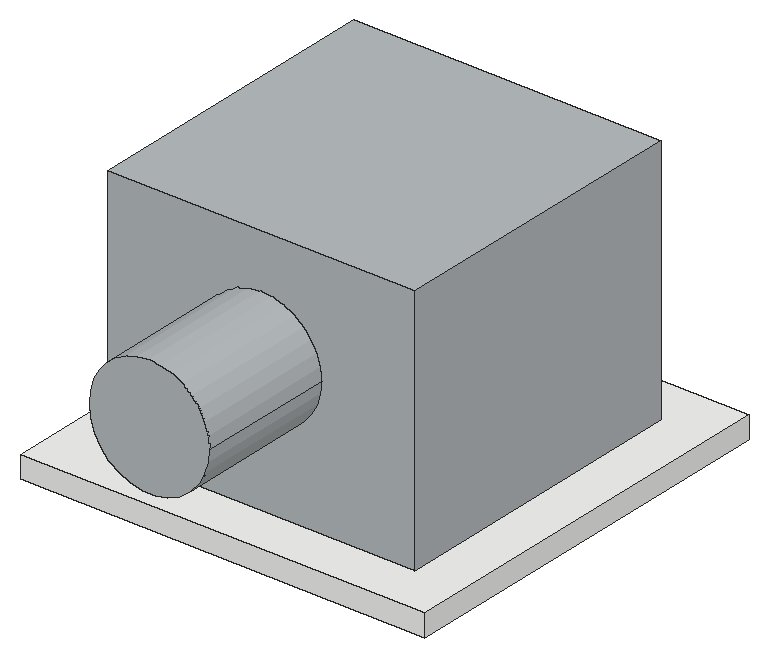
Revit family "vd-10_15z(s)14-bl_60Hz", category 機械設備, Revit 2019
Family settings
  丸型コネクタ寸法 = 直径を使用
  パーツ タイプ = 標準
  OmniClass 番号 = 23.75.35.17.27
  OmniClass タイトル = Centrifugal Fans
  作業面ベース = いいえ
  常に垂直 = はい
  ロード時にボイドで切り取り = いいえ
  共有 = いいえ
  部屋計算ポイント = はい
Parameters (values of type "VD-15Z14-BL")
  騒音レベル(dB(A)) [instance] = 29
  風量 [instance] = 175.0 m³/h
  電源種別 [instance] = ""
  電圧 = 100 V
  電動機出力 = 0 W
  電動機_種別 [instance] = ""
  運転質量 = 0.00 kg
  連動 [instance] = ""
  質量 = if(製品質量 > 運転質量, 製品質量, 運転質量) * 1.2  # 4.56 kg
  負荷分類 = 3_ファン類
  説明 = "優良住宅部品(BL部品)認定 ダクト用換気扇<換気ユニット サニタリー用ファン 浴室用Ⅱ型>"
  設計風量 [instance] = 0.0 m³/h
  設置方法 = "天埋"
  記号 [instance] = ""
  製造元 = "三菱電機株式会社"
  製品質量 = 3.80 kg
  製品出荷対象 = "国内"
  製品リリース年月 = "2024年6月3日"
  製品グループ = ""
  系統 [instance] = ""
  符号 [instance] = if(☑給気／□排気, "FS", "FE")  # "FE"
  積算_科目 = "2 換気設備"
  積算_拾い区分 [instance] = ""
  相 = 1
  盤記号 [instance] = ""
  発停方法 [instance] = ""
  特殊仕様 [instance] = ""
  火災停止 [instance] = ""
  消費電力 = 18 W
  法定耐用年数 = "15"
  機外静圧 [instance] = 0.0 Pa
  極数 = 2
  材質 [instance] = ""
  操作・制御方式 = ""
  操作・制御スイッチ = ""
  排気量 [instance] = if(☑給気／□排気, 0.0 m³/h, 設計風量)  # 0.0 m³/h
  形式 = "天井埋込ダクト形"
  幹線記号 [instance] = ""
  対象室 [instance] = ""
  実風量 [instance] = 0.0 m³/h
  始動方式 [instance] = "直入"
  外気量 [instance] = if(☑給気／□排気, 設計風量, 0.0 m³/h)  # 0.0 m³/h
  呼称 = "天井扇"
  周波数 = 60 Hz
  参照している仕様書等のバージョン = ""
  分類コード = "50052503100030"
  分類グループ = ""
  価格 = 38800
  企業コード = "108420"
  付属品_防振装置 = ""
  付属品 [instance] = ""
  仕様書バージョン = "Version1.0"
  モデル = "VD-15Z14-BL"
  マテリアル = 鋼板
  ファンの種類 = ""
  ダクト径 = 100 mm
  コメント [instance] = ""
  Keynote = ""
  カバーマテリアル = 合成樹脂(白)
  ☑給気／□排気 [instance] = no
  Width = 251 mm
  W1 = 330 mm
  Version = ""
  Uniclass2015Version = "Systems v1.9"
  Uniclass2015Title = "Centrifugal fans"
  Uniclass2015Code = "Pr_65_67_29_12"
  URL = "https://www.mitsubishielectric.co.jp/ldg/wink/qr/002/333601/"
  SpecificationReference = ""
  SpecificationDescription = ""
  Revision = ""
  ProductInformation = ""
  OmniClassCode = "23-33 31 19 11 15"
  OAサイズ_D = 0 mm
  MIN風量 = 90.0 m³/h
  MIN静圧 = 0.0 Pa
  MID風量 = 0.0 m³/h
  MID静圧 = 0.0 Pa
  MAX風量 = 175.0 m³/h
  MAX静圧 = 0.0 Pa
  IfcTypeProduct = ""
  IfcProduct = ""
  IfcExportType = "PROPELLORAXIAL"
  IfcExportAs = "IfcFanType"
  Height = 204 mm
  H1 = 18 mm
  EAサイズ_D = 98 mm
  Duct_Height = 111 mm
  Duct_Depth = 114 mm
  Duct_Center = 0 mm
  Depth = 251 mm
  D1 = 330 mm
  Author = "三菱電機株式会社"
Types (2, lengths in mm): name | 風量 | 質量 | 説明 | 製品質量 | 消費電力 | 価格 | モデル | Width | W1 | URL | MIN風量 | MAX風量 | Height | H1 | Duct_Height | Depth | D1
  VD-10ZS14-BL | 130.0 m³/h | 3.12 kg | "優良住宅部品(BL部品)認定 ダクト用換気扇<換気ユニット サニタリー用ファン 浴室用I型>" | 2.60 kg | 16 W | 30400 | "VD-10ZS14-BL" | 203 | 286 | "https://www.mitsubishielectric.co.jp/ldg/wink/qr/002/333571/" | 0.0 m³/h | 130.0 m³/h | 189 | 15 | 107 | 203 | 286
  VD-15Z14-BL | 175.0 m³/h | 4.56 kg | "優良住宅部品(BL部品)認定 ダクト用換気扇<換気ユニット サニタリー用ファン 浴室用Ⅱ型>" | 3.80 kg | 18 W | 38800 | "VD-15Z14-BL" | 251 | 330 | "https://www.mitsubishielectric.co.jp/ldg/wink/qr/002/333601/" | 90.0 m³/h | 175.0 m³/h | 204 | 18 | 111 | 251 | 330
Reference planes
  plane 1 "中心(正面/背面)": y = 0
  plane 2: z = 0
  plane 3 "中心(左/右)": x = 0
  plane 4: x = -165
  plane 5: x = 165
  plane 6: y = 165
  plane 7: y = -165
  plane 8: x = -125.5
  plane 9: x = 125.5
  plane 10: y = 125.5
  plane 11: y = -125.5
  plane 12: y = -239.5
  plane 13: z = 204
  plane 14: z = -18
  plane 15: z = 111
  plane 16: x = 0
Forms (mm)
  Extrusion 1, solid, material "鋼板" <- "マテリアル", detail levels fine
    sketch origin (0, 0, 0) x (1, 0, 0) y (0, 1, 0)
      loop
        line (-125.5, 125.5) -> (-125.5, -125.5) -> (125.5, -125.5) -> (125.5, 125.5) -> (-125.5, 125.5)
    from 0 to 204
  Extrusion 2, solid, material "合成樹脂(白)" <- "カバーマテリアル", detail levels fine
    sketch origin (0, 0, 0) x (1, 0, 0) y (0, 1, 0)
      loop
        line (-165, 165) -> (-165, -165) -> (165, -165) -> (165, 165) -> (-165, 165)
    from 0 to -18
  Extrusion 3, solid, material "鋼板" <- "マテリアル", detail levels fine
    sketch origin (0, 0, 0) x (1, 0, 0) y (0, 0, 1)
      loop
        circle (0, 111) r 49
    from 125.5 to 239.5
Dimensions and locks
  equal spacing: plane 4, plane 3 "中心(左/右)", plane 5
  "W1": plane 4 to plane 5
  equal spacing: plane 6, plane 1 "中心(正面/背面)", plane 7
  "D1": plane 6 to plane 7
  equal spacing: plane 8, plane 3 "中心(左/右)", plane 9
  "Width": plane 8 to plane 9
  equal spacing: plane 10, plane 1 "中心(正面/背面)", plane 11
  "Depth": plane 10 to plane 11
  "Duct_Depth": plane 11 to plane 12
  "Height": plane 13 to plane 2
  "Duct_Height": plane 15 to plane 2
  "H1": plane 2 to plane 14
  "Duct_Center": plane 3 "中心(左/右)" to plane 16
  "EAサイズ_D": diameter of Extrusion 3 sketch curve
  aligned and locked: level to plane 2
  aligned and locked: plane 5 to Extrusion 2
  aligned and locked: plane 6 to Extrusion 2
  aligned and locked: Extrusion 2 to plane 4
  aligned and locked: Extrusion 2 to plane 7
  aligned and locked: plane 9 to Extrusion 1
  aligned and locked: Extrusion 1 to plane 11
  aligned and locked: Extrusion 1 to plane 8
  aligned and locked: plane 10 to Extrusion 1
  aligned and locked: plane 13 to Extrusion 1
  aligned and locked: Extrusion 2 to plane 14
  aligned and locked: level to Extrusion 2
  aligned and locked: Extrusion 1 to level
  aligned and locked: Extrusion 3 to plane 12
  aligned and locked: plane 11 to Extrusion 3
Automatic sketch dimensions
  Extrusion 1 sketch curve to plane 3 "中心(左/右)" = 125.5 mm
  plane 3 "中心(左/右)" to Extrusion 1 sketch curve = 125.5 mm
  Extrusion 2 sketch curve to plane 3 "中心(左/右)" = 165 mm
  plane 3 "中心(左/右)" to Extrusion 2 sketch curve = 165 mm
  plane 1 "中心(正面/背面)" to Extrusion 1 sketch curve = 125.5 mm
  Extrusion 1 sketch curve to plane 1 "中心(正面/背面)" = 125.5 mm
  plane 1 "中心(正面/背面)" to Extrusion 2 sketch curve = 165 mm
  Extrusion 2 sketch curve to plane 1 "中心(正面/背面)" = 165 mm
  Extrusion 3 sketch curve to plane 15 = 0 mm
  Extrusion 3 sketch curve to plane 16 = 0 mm
Nested families
  nested 1: "記号_天井換気扇_平面" at (0, 0, 0), type "記号_天井換気扇_平面", detail levels coarse+medium
Connectors
  hvac at (0, -239.5, 111), driven by "ダクト径", driven by "風量", driven by "機外静圧"
    settings: on Extrusion 3, index 1, duct flow 175.0 m³/h, flow factor 0, pres drop 0.0 Pa, loss coef 0, conn angle 0.00°, conn width 304.8 mm, conn height 304.8 mm, conn diameter 100 mm, duct sys type 3, conn prof type 0, flow config 0, flow direction 2, loss method 4, conn ref index -1, conn util no, is conn primary yes, conn desc ""
  electrical at (0, 0, 204), driven by "極数", driven by "負荷分類", driven by "電圧", driven by "消費電力"
    settings: on Extrusion 1, index 2, voltage 100 V, apparent load 18 VA, apparent load phase1 0 VA, apparent load phase2 0 VA, apparent load phase3 0 VA, power factor 1, load classification "3_ファン類", number of poles 2, system type 30, power factor state 1, is connector primary yes, connector utility no, sub classification motor no, connector description ""
Definition of nested family "記号_天井換気扇_平面"
  Reference planes
    plane 1: y = 0
    plane 2: x = 0
  Lines and regions (mm)
    detail lines
      curve 1: line (-2.5, 2.5, 0) -> (2.5, 2.5, 0)
      curve 2: line (-2.5, -2.5, 0) -> (-2.5, 2.5, 0)
      curve 3: line (2.5, -2.5, 0) -> (-2.5, -2.5, 0)
      curve 4: line (2.5, 2.5, 0) -> (2.5, -2.5, 0)
      curve 5: circle (-1.04, -1.04, 0) r 1.46 normal (0, 0, 1)
      curve 6: circle (1.04, 1.04, 0) r 1.46 normal (0, 0, 1)
      curve 7: line (-3.125, 3.125, 0) -> (3.125, 3.125, 0)
      curve 8: line (-3.125, -3.125, 0) -> (-3.125, 3.125, 0)
      curve 9: line (3.125, -3.125, 0) -> (-3.125, -3.125, 0)
      curve 10: line (3.125, 3.125, 0) -> (3.125, -3.125, 0)
      curve 11: circle (1.295, 1.295, 0) r 1.83 normal (0, 0, 1)
      curve 12: circle (-1.295, -1.295, 0) r 1.83 normal (0, 0, 1)
      curve 13: line (-2, 2, 0) -> (2, 2, 0)
      curve 14: line (-2, -2, 0) -> (-2, 2, 0)
      curve 15: line (2, -2, 0) -> (-2, -2, 0)
      curve 16: line (2, 2, 0) -> (2, -2, 0)
      curve 17: circle (0.84, 0.84, 0) r 1.16 normal (0, 0, 1)
      curve 18: circle (-0.84, -0.84, 0) r 1.2 normal (0, 0, 1)
